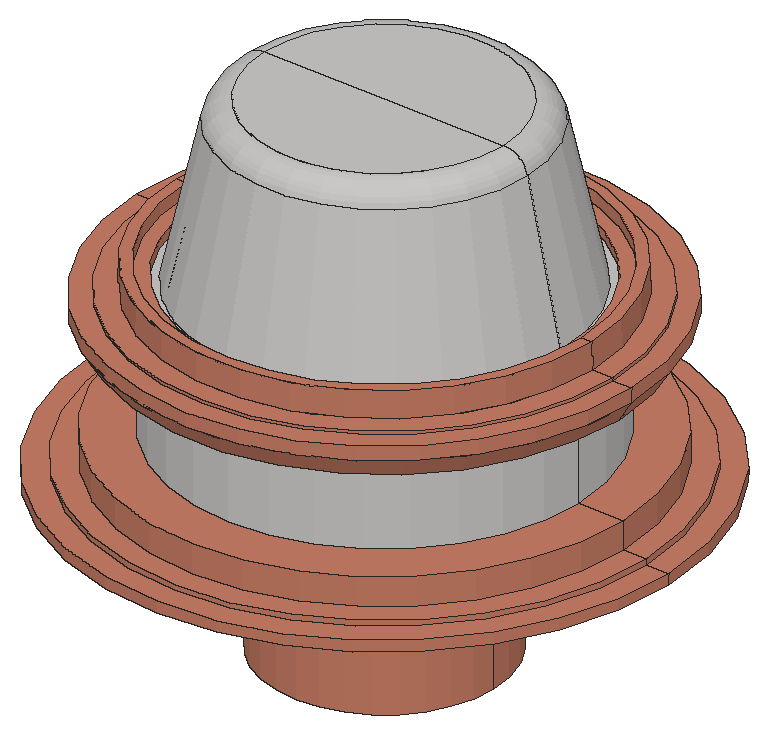
Revit family
Parameters (values of type "1015-06")
  Weight (lb) = 51.78
  Waste Connection = no
  Warranty = "1 year material and workmanship"  # constant formula
  Vent Connection = no
  URL = "http://www.jrsmith.com"
  Threaded = yes
  Technical and Installation = "http://www.jrsmith.com/products/roof/tech_data_index.htm"
  SmartBIM Object Version = 3  # constant formula
  SmartBIM Object Created By = "Reed Construction Data"  # constant formula
  Push On = yes
  Product URL = "http://www.jrsmith.com/products/roof/submittal/d1015.pdf"
  Outlet Radius = Outlet Diameter / 2  # 3"
  Outlet Diameter = 6"
  OmniClass Title = "Roof Drains"  # constant formula
  OmniClass Code = "22-22 14 26 13"  # constant formula
  No Hub = yes
  Model = "1015"  # constant formula
  Material Finish = Cast Iron
  Material = Duco coated
  Manufacturer = "Jay R. Smith Mfg. Co. "  # constant formula
  HW Connection = no
  Pipe Height = 4"
  Dome Free Area = "6\""
  Description = "Duco cast iron body with adjustable extension sleeve, reversible collar, combined flashing clamp and gravel stop, and polyethylene dome"  # constant formula
  Default Elevation = 48"
  Caulk = yes
  CW Connection = no
  Assembly Code = "D2040200"
  95 CSI = "15165"  # constant formula
  04 CSI = "22 14 35"  # constant formula
Reference planes (in)
  plane 1: z = 0
  plane 2: z = 0.32388
  plane 3: y = 0
  plane 4: x = 0
Forms (in)
  Revolve 1, solid, material "Cast Iron" <- "Material Finish"
    sketch origin (0, 0, 4) x (1, 0, 0) y (0, 0, 1)
      loop
        line (3.90504, 0) -> (7.16404, 0) -> (7.54712, 0.59051) -> (7.54712, 0.98487) -> (6.96541, 0.98487) -> (6.96541, 1.06365) -> (6.34092, 1.06365) -> (6.33438, 1.82617) -> (6.01892, 1.82617) -> (6.01892, 1.48441) -> (5.60012, 1.48441) -> (5.60012, 0.93227) -> (4.78303, 0.93227) -> (4.78303, 0.38013) -> (3.90504, 0.38013) -> (3.90504, 0)
      axis (0, 1.82617) -> (0, 0)
    angle from 0 to 360
  Revolve 2, solid, material "Duco coated" <- "Material"
    sketch origin (0, 0, 4.93227) x (1, 0, 0) y (0, 0, 1)
      loop
        line (5.13016, 0) -> (6.10012, 0) -> (6.10012, 0.31557) -> (5.37157, 0.31557) -> (4.36679, 4.72141)
        arc (4.36679, 4.72141) -> (4.10323, 5.14098) -> (3.63556, 5.30464) r 0.75
        line (3.63556, 5.30464) -> (0, 5.30464) -> (0, 4.91023) -> (3.67951, 4.91023)
        arc (3.67951, 4.91023) -> (3.91239, 4.82916) -> (4.04458, 4.621) r 0.375
        line (4.04458, 4.621) -> (5.13016, 0)
      axis (0, 5.30464) -> (0, 0)
    angle from 0 to 360
  Revolve 3, solid, material "Duco coated" <- "Material"
    sketch origin (0, 0, 4) x (1, 0, 0) y (0, 0, 1)
      loop
        line (5.57342, 0) -> (5.57342, -4) -> (5.91717, -4) -> (5.91717, 0) -> (5.57342, 0)
      axis (0, -4) -> (0, 0)
    angle from 0 to 360
  Extrusion 4, void
    sketch origin (0, 0, 0) x (1, 0, 0) y (0, 1, 0)
      loop
        circle (0, 0) r 3
    from -4.70197 to 0
  Revolve 5, solid, material "Cast Iron" <- "Material Finish"
    sketch origin (0, 0, 0) x (1, 0, 0) y (0, 0, 1)
      loop
        line (3, -4.70197) -> (3.34929, -4.70197) -> (3.34929, -2.7857) -> (3.2448, -2.7857)
        arc (3.2448, -2.7857) -> (3.40286, -2.72023) -> (3.46833, -2.56217) r 0.22353
        arc (3.46833, -2.56217) -> (3.48973, -2.39962) -> (3.63516, -2.32391) r 0.17754
        line (3.63516, -2.32391) -> (3.84929, -2.32391)
        arc (3.84929, -2.32391) -> (4.32239, -2.11327) -> (4.56552, -1.65602) r 0.79534
        line (4.56552, -1.65602) -> (4.72195, -0.66833) -> (8.67326, -0.0003) -> (8.67326, 0.32388) -> (7.98683, 0.32388) -> (7.98683, 0.47246) -> (7.2949, 0.47246) -> (7.2949, 1.28291) -> (4.91717, 1.28291) -> (4.91717, 0.32418) -> (0, 0.32418) -> (0, -2.78464) -> (3, -2.78464) -> (3, -4.70197)
      axis (0, -4.70197) -> (0, 1.28291)
    angle from 0 to 360
Cuts and joins
  Extrusion 4 cuts Revolve 5
  joined: Revolve 1, Revolve 5
Lines and regions (in)
  symbolic lines
    curve 1: arc (-7.54712, 0, -5.22855) -> (0, -7.54712, -5.22855) -> (7.54712, 0, -5.22855) r 7.54712
    curve 2: arc (-6.96541, 0, -5.22855) -> (0, -6.96541, -5.22855) -> (6.96541, 0, -5.22855) r 6.96541
  model lines
    curve 3: line (0.18521, -4.47136, 9.17831) -> (0.18521, -5.30772, 5.51367)
    curve 4: line (-0.18521, -5.30772, 5.51367) -> (-0.18521, -4.47136, 9.17831)
    curve 5: arc (0.18521, -5.30772, 5.51367) -> (0, -5.31095, 5.51367) -> (-0.18521, -5.30772, 5.51367) r 5.31095
    curve 6: arc (0.18521, -4.47136, 9.17831) -> (0, -4.43015, 9.35888) -> (-0.18521, -4.47136, 9.17831) r 0.18521
    curve 7: line (-0.18521, -5.30772, 5.51367) -> (0.18521, -5.30772, 5.51367)
    curve 8: line (-0.69066, -4.42158, 9.17831) -> (-0.85383, -5.24187, 5.51367)
    curve 9: line (-1.21714, -5.1696, 5.51367) -> (-1.05397, -4.34931, 9.17831)
    curve 10: arc (-0.85383, -5.24187, 5.51367) -> (-1.03611, -5.2089, 5.51367) -> (-1.21714, -5.1696, 5.51367) r 5.31095
    curve 11: arc (-0.69066, -4.42158, 9.17831) -> (-0.86428, -4.34503, 9.35888) -> (-1.05397, -4.34931, 9.17831) r 0.18521
    curve 12: line (-1.21714, -5.1696, 5.51367) -> (-0.85383, -5.24187, 5.51367)
    curve 13: line (1.05397, -4.34931, 9.17831) -> (1.21714, -5.1696, 5.51367)
    curve 14: line (0.85383, -5.24187, 5.51367) -> (0.69066, -4.42158, 9.17831)
    curve 15: arc (0.71714, -4.99376, 5.51367) -> (0.53584, -5.01646, 5.51367) -> (0.35383, -5.03257, 5.51367) r 5.04499
    curve 16: arc (1.05397, -4.34931, 9.17831) -> (0.86428, -4.34503, 9.35888) -> (0.69066, -4.42158, 9.17831) r 0.18521
    curve 17: line (0.85383, -5.24187, 5.51367) -> (1.21714, -5.1696, 5.51367)
    curve 18: line (1.88223, -4.06012, 9.17831) -> (2.20229, -4.83281, 5.51367)
    curve 19: line (1.86006, -4.97457, 5.51367) -> (1.54, -4.20188, 9.17831)
    curve 20: arc (1.70229, -4.68827, 5.51367) -> (1.53217, -4.74659, 5.51367) -> (1.36006, -4.79874, 5.51367) r 4.98775
    curve 21: arc (1.88223, -4.06012, 9.17831) -> (1.69534, -4.09292, 9.35888) -> (1.54, -4.20188, 9.17831) r 0.18521
    curve 22: line (1.86006, -4.97457, 5.51367) -> (2.20229, -4.83281, 5.51367)
    curve 23: line (2.63815, -3.6149, 9.17831) -> (3.10281, -4.31031, 5.51367)
    curve 24: line (2.79481, -4.51611, 5.51367) -> (2.33016, -3.8207, 9.17831)
    curve 25: arc (2.60281, -4.19548, 5.51367) -> (2.45039, -4.28629, 5.51367) -> (2.29481, -4.37156, 5.51367) r 4.93727
    curve 26: arc (2.63815, -3.6149, 9.17831) -> (2.46126, -3.68353, 9.35888) -> (2.33016, -3.8207, 9.17831) r 0.18521
    curve 27: line (2.79481, -4.51611, 5.51367) -> (3.10281, -4.31031, 5.51367)
    curve 28: line (3.2927, -3.03076, 9.17831) -> (3.88409, -3.62216, 5.51367)
    curve 29: line (3.62216, -3.88409, 5.51367) -> (3.03076, -3.2927, 9.17831)
    curve 30: arc (3.38409, -3.53598, 5.51367) -> (3.25521, -3.65497, 5.51367) -> (3.12216, -3.76926, 5.51367) r 4.89441
    curve 31: arc (3.2927, -3.03076, 9.17831) -> (3.13259, -3.13259, 9.35888) -> (3.03076, -3.2927, 9.17831) r 0.18521
    curve 32: line (3.62216, -3.88409, 5.51367) -> (3.88409, -3.62216, 5.51367)
    curve 33: line (3.8207, -2.33016, 9.17831) -> (4.51611, -2.79481, 5.51367)
    curve 34: line (4.31031, -3.10281, 5.51367) -> (3.6149, -2.63815, 9.17831)
    curve 35: arc (4.01611, -2.73668, 5.51367) -> (3.91571, -2.87849, 5.51367) -> (3.81031, -3.01663, 5.51367) r 4.85989
    curve 36: arc (3.8207, -2.33016, 9.17831) -> (3.68353, -2.46126, 9.35888) -> (3.6149, -2.63815, 9.17831) r 0.18521
    curve 37: line (4.31031, -3.10281, 5.51367) -> (4.51611, -2.79481, 5.51367)
    curve 38: line (4.20188, -1.54, 9.17831) -> (4.97457, -1.86006, 5.51367)
    curve 39: line (4.83281, -2.20229, 5.51367) -> (4.06012, -1.88223, 9.17831)
    curve 40: arc (4.47457, -1.83, 5.51367) -> (4.40649, -1.98834, 5.51367) -> (4.33281, -2.14416, 5.51367) r 4.83432
    curve 41: arc (4.20188, -1.54, 9.17831) -> (4.09292, -1.69534, 9.35888) -> (4.06012, -1.88223, 9.17831) r 0.18521
    curve 42: line (4.83281, -2.20229, 5.51367) -> (4.97457, -1.86006, 5.51367)
    curve 43: line (4.42158, -0.69066, 9.17831) -> (5.24187, -0.85383, 5.51367)
    curve 44: line (5.1696, -1.21714, 5.51367) -> (4.34931, -1.05397, 9.17831)
    curve 45: arc (4.74187, -0.85383, 5.51367) -> (4.70868, -1.02109, 5.51367) -> (4.6696, -1.18708, 5.51367) r 4.81812
    curve 46: arc (4.42158, -0.69066, 9.17831) -> (4.34503, -0.86428, 9.35888) -> (4.34931, -1.05397, 9.17831) r 0.18521
    curve 47: line (5.1696, -1.21714, 5.51367) -> (5.24187, -0.85383, 5.51367)
    curve 48: arc (4.80772, 0.18521, 5.51367) -> (4.81128, 0, 5.51367) -> (4.80772, -0.18521, 5.51367) r 4.81128
    curve 49: line (4.34931, 1.05397, 9.17831) -> (5.1696, 1.21714, 5.51367)
    curve 50: line (5.24187, 0.85383, 5.51367) -> (4.42158, 0.69066, 9.17831)
    curve 51: arc (4.6696, 1.18708, 5.51367) -> (4.70868, 1.02109, 5.51367) -> (4.74187, 0.85383, 5.51367) r 4.81812
    curve 52: arc (4.34931, 1.05397, 9.17831) -> (4.34503, 0.86428, 9.35888) -> (4.42158, 0.69066, 9.17831) r 0.18521
    curve 53: line (5.24187, 0.85383, 5.51367) -> (5.1696, 1.21714, 5.51367)
    curve 54: line (4.06012, 1.88223, 9.17831) -> (4.83281, 2.20229, 5.51367)
    curve 55: line (4.97457, 1.86006, 5.51367) -> (4.20188, 1.54, 9.17831)
    curve 56: arc (4.33281, 2.14416, 5.51367) -> (4.40649, 1.98834, 5.51367) -> (4.47457, 1.83, 5.51367) r 4.83432
    curve 57: arc (4.06012, 1.88223, 9.17831) -> (4.09292, 1.69534, 9.35888) -> (4.20188, 1.54, 9.17831) r 0.18521
    curve 58: line (4.97457, 1.86006, 5.51367) -> (4.83281, 2.20229, 5.51367)
    curve 59: line (3.6149, 2.63815, 9.17831) -> (4.31031, 3.10281, 5.51367)
    curve 60: line (4.51611, 2.79481, 5.51367) -> (3.8207, 2.33016, 9.17831)
    curve 61: arc (3.81031, 3.01663, 5.51367) -> (3.91571, 2.87849, 5.51367) -> (4.01611, 2.73668, 5.51367) r 4.85989
    curve 62: arc (3.6149, 2.63815, 9.17831) -> (3.68353, 2.46126, 9.35888) -> (3.8207, 2.33016, 9.17831) r 0.18521
    curve 63: line (4.51611, 2.79481, 5.51367) -> (4.31031, 3.10281, 5.51367)
    curve 64: line (3.03076, 3.2927, 9.17831) -> (3.62216, 3.88409, 5.51367)
    curve 65: line (3.88409, 3.62216, 5.51367) -> (3.2927, 3.03076, 9.17831)
    curve 66: arc (3.12216, 3.76926, 5.51367) -> (3.25521, 3.65497, 5.51367) -> (3.38409, 3.53598, 5.51367) r 4.89441
    curve 67: arc (3.03076, 3.2927, 9.17831) -> (3.13259, 3.13259, 9.35888) -> (3.2927, 3.03076, 9.17831) r 0.18521
    curve 68: line (3.88409, 3.62216, 5.51367) -> (3.62216, 3.88409, 5.51367)
    curve 69: line (2.33016, 3.8207, 9.17831) -> (2.79481, 4.51611, 5.51367)
    curve 70: line (3.10281, 4.31031, 5.51367) -> (2.63815, 3.6149, 9.17831)
    curve 71: arc (2.29481, 4.37156, 5.51367) -> (2.45039, 4.28629, 5.51367) -> (2.60281, 4.19548, 5.51367) r 4.93727
    curve 72: arc (2.33016, 3.8207, 9.17831) -> (2.46126, 3.68353, 9.35888) -> (2.63815, 3.6149, 9.17831) r 0.18521
    curve 73: line (3.10281, 4.31031, 5.51367) -> (2.79481, 4.51611, 5.51367)
    curve 74: line (1.54, 4.20188, 9.17831) -> (1.86006, 4.97457, 5.51367)
    curve 75: line (2.20229, 4.83281, 5.51367) -> (1.88223, 4.06012, 9.17831)
    curve 76: arc (1.36006, 4.79874, 5.51367) -> (1.53217, 4.74659, 5.51367) -> (1.70229, 4.68827, 5.51367) r 4.98775
    curve 77: arc (1.54, 4.20188, 9.17831) -> (1.69534, 4.09292, 9.35888) -> (1.88223, 4.06012, 9.17831) r 0.18521
    curve 78: line (2.20229, 4.83281, 5.51367) -> (1.86006, 4.97457, 5.51367)
    curve 79: line (0.69066, 4.42158, 9.17831) -> (0.85383, 5.24187, 5.51367)
    curve 80: line (1.21714, 5.1696, 5.51367) -> (1.05397, 4.34931, 9.17831)
    curve 81: arc (0.35383, 5.03257, 5.51367) -> (0.53584, 5.01646, 5.51367) -> (0.71714, 4.99376, 5.51367) r 5.04499
    curve 82: arc (0.69066, 4.42158, 9.17831) -> (0.86428, 4.34503, 9.35888) -> (1.05397, 4.34931, 9.17831) r 0.18521
    curve 83: line (1.21714, 5.1696, 5.51367) -> (0.85383, 5.24187, 5.51367)
    curve 84: line (-0.18521, 4.47136, 9.17831) -> (-0.18521, 5.30772, 5.51367)
    curve 85: line (0.18521, 5.30772, 5.51367) -> (0.18521, 4.47136, 9.17831)
    curve 86: arc (-0.18521, 5.09842, 5.51367) -> (0, 5.10179, 5.51367) -> (0.18521, 5.09842, 5.51367) r 5.10179
    curve 87: arc (-0.18521, 4.47136, 9.17831) -> (0, 4.43015, 9.35888) -> (0.18521, 4.47136, 9.17831) r 0.18521
    curve 88: line (0.18521, 5.30772, 5.51367) -> (-0.18521, 5.30772, 5.51367)
    curve 89: line (-1.05397, 4.34931, 9.17831) -> (-1.21714, 5.1696, 5.51367)
    curve 90: line (-0.85383, 5.24187, 5.51367) -> (-0.69066, 4.42158, 9.17831)
    curve 91: arc (-1.21714, 5.1696, 5.51367) -> (-1.03611, 5.2089, 5.51367) -> (-0.85383, 5.24187, 5.51367) r 5.31095
    curve 92: arc (-1.05397, 4.34931, 9.17831) -> (-0.86428, 4.34503, 9.35888) -> (-0.69066, 4.42158, 9.17831) r 0.18521
    curve 93: line (-0.85383, 5.24187, 5.51367) -> (-1.21714, 5.1696, 5.51367)
    curve 94: line (-1.88223, 4.06012, 9.17831) -> (-2.20229, 4.83281, 5.51367)
    curve 95: line (-1.86006, 4.97457, 5.51367) -> (-1.54, 4.20188, 9.17831)
    curve 96: arc (-2.20229, 4.83281, 5.51367) -> (-2.03241, 4.90668, 5.51367) -> (-1.86006, 4.97457, 5.51367) r 5.31095
    curve 97: arc (-1.88223, 4.06012, 9.17831) -> (-1.69534, 4.09292, 9.35888) -> (-1.54, 4.20188, 9.17831) r 0.18521
    curve 98: line (-1.86006, 4.97457, 5.51367) -> (-2.20229, 4.83281, 5.51367)
    curve 99: line (-2.63815, 3.6149, 9.17831) -> (-3.10281, 4.31031, 5.51367)
    curve 100: line (-2.79481, 4.51611, 5.51367) -> (-2.33016, 3.8207, 9.17831)
    curve 101: arc (-3.10281, 4.31031, 5.51367) -> (-2.9506, 4.41589, 5.51367) -> (-2.79481, 4.51611, 5.51367) r 5.31095
    curve 102: arc (-2.63815, 3.6149, 9.17831) -> (-2.46126, 3.68353, 9.35888) -> (-2.33016, 3.8207, 9.17831) r 0.18521
    curve 103: line (-2.79481, 4.51611, 5.51367) -> (-3.10281, 4.31031, 5.51367)
    curve 104: line (-3.2927, 3.03076, 9.17831) -> (-3.88409, 3.62216, 5.51367)
    curve 105: line (-3.62216, 3.88409, 5.51367) -> (-3.03076, 3.2927, 9.17831)
    curve 106: arc (-3.88409, 3.62216, 5.51367) -> (-3.75541, 3.75541, 5.51367) -> (-3.62216, 3.88409, 5.51367) r 5.31095
    curve 107: arc (-3.2927, 3.03076, 9.17831) -> (-3.13259, 3.13259, 9.35888) -> (-3.03076, 3.2927, 9.17831) r 0.18521
    curve 108: line (-3.62216, 3.88409, 5.51367) -> (-3.88409, 3.62216, 5.51367)
    curve 109: line (-3.8207, 2.33016, 9.17831) -> (-4.51611, 2.79481, 5.51367)
    curve 110: line (-4.31031, 3.10281, 5.51367) -> (-3.6149, 2.63815, 9.17831)
    curve 111: arc (-4.51611, 2.79481, 5.51367) -> (-4.41589, 2.9506, 5.51367) -> (-4.31031, 3.10281, 5.51367) r 5.31095
    curve 112: arc (-3.8207, 2.33016, 9.17831) -> (-3.68353, 2.46126, 9.35888) -> (-3.6149, 2.63815, 9.17831) r 0.18521
    curve 113: line (-4.31031, 3.10281, 5.51367) -> (-4.51611, 2.79481, 5.51367)
    curve 114: line (-4.20188, 1.54, 9.17831) -> (-4.97457, 1.86006, 5.51367)
    curve 115: line (-4.83281, 2.20229, 5.51367) -> (-4.06012, 1.88223, 9.17831)
    curve 116: arc (-4.97457, 1.86006, 5.51367) -> (-4.90668, 2.03241, 5.51367) -> (-4.83281, 2.20229, 5.51367) r 5.31095
    curve 117: arc (-4.20188, 1.54, 9.17831) -> (-4.09292, 1.69534, 9.35888) -> (-4.06012, 1.88223, 9.17831) r 0.18521
    curve 118: line (-4.83281, 2.20229, 5.51367) -> (-4.97457, 1.86006, 5.51367)
    curve 119: line (-4.42158, 0.69066, 9.17831) -> (-5.24187, 0.85383, 5.51367)
    curve 120: line (-5.1696, 1.21714, 5.51367) -> (-4.34931, 1.05397, 9.17831)
    curve 121: arc (-5.24187, 0.85383, 5.51367) -> (-5.2089, 1.03611, 5.51367) -> (-5.1696, 1.21714, 5.51367) r 5.31095
    curve 122: arc (-4.42158, 0.69066, 9.17831) -> (-4.34503, 0.86428, 9.35888) -> (-4.34931, 1.05397, 9.17831) r 0.18521
    curve 123: line (-5.1696, 1.21714, 5.51367) -> (-5.24187, 0.85383, 5.51367)
    curve 124: line (-4.47136, -0.18521, 9.17831) -> (-5.30772, -0.18521, 5.51367)
    curve 125: line (-5.30772, 0.18521, 5.51367) -> (-4.47136, 0.18521, 9.17831)
    curve 126: arc (-5.30772, -0.18521, 5.51367) -> (-5.31095, 0, 5.51367) -> (-5.30772, 0.18521, 5.51367) r 5.31095
    curve 127: arc (-4.47136, -0.18521, 9.17831) -> (-4.43015, 0, 9.35888) -> (-4.47136, 0.18521, 9.17831) r 0.18521
    curve 128: line (-5.30772, 0.18521, 5.51367) -> (-5.30772, -0.18521, 5.51367)
    curve 129: line (-4.34931, -1.05397, 9.17831) -> (-5.1696, -1.21714, 5.51367)
    curve 130: line (-5.24187, -0.85383, 5.51367) -> (-4.42158, -0.69066, 9.17831)
    curve 131: arc (-5.1696, -1.21714, 5.51367) -> (-5.2089, -1.03611, 5.51367) -> (-5.24187, -0.85383, 5.51367) r 5.31095
    curve 132: arc (-4.34931, -1.05397, 9.17831) -> (-4.34503, -0.86428, 9.35888) -> (-4.42158, -0.69066, 9.17831) r 0.18521
    curve 133: line (-5.24187, -0.85383, 5.51367) -> (-5.1696, -1.21714, 5.51367)
    curve 134: line (-4.06012, -1.88223, 9.17831) -> (-4.83281, -2.20229, 5.51367)
    curve 135: line (-4.97457, -1.86006, 5.51367) -> (-4.20188, -1.54, 9.17831)
    curve 136: arc (-4.83281, -2.20229, 5.51367) -> (-4.90668, -2.03241, 5.51367) -> (-4.97457, -1.86006, 5.51367) r 5.31095
    curve 137: arc (-4.06012, -1.88223, 9.17831) -> (-4.09292, -1.69534, 9.35888) -> (-4.20188, -1.54, 9.17831) r 0.18521
    curve 138: line (-4.97457, -1.86006, 5.51367) -> (-4.83281, -2.20229, 5.51367)
    curve 139: line (-3.6149, -2.63815, 9.17831) -> (-4.31031, -3.10281, 5.51367)
    curve 140: line (-4.51611, -2.79481, 5.51367) -> (-3.8207, -2.33016, 9.17831)
    curve 141: arc (-4.31031, -3.10281, 5.51367) -> (-4.41589, -2.9506, 5.51367) -> (-4.51611, -2.79481, 5.51367) r 5.31095
    curve 142: arc (-3.6149, -2.63815, 9.17831) -> (-3.68353, -2.46126, 9.35888) -> (-3.8207, -2.33016, 9.17831) r 0.18521
    curve 143: line (-4.51611, -2.79481, 5.51367) -> (-4.31031, -3.10281, 5.51367)
    curve 144: line (-3.03076, -3.2927, 9.17831) -> (-3.62216, -3.88409, 5.51367)
    curve 145: line (-3.88409, -3.62216, 5.51367) -> (-3.2927, -3.03076, 9.17831)
    curve 146: arc (-3.62216, -3.88409, 5.51367) -> (-3.75541, -3.75541, 5.51367) -> (-3.88409, -3.62216, 5.51367) r 5.31095
    curve 147: arc (-3.03076, -3.2927, 9.17831) -> (-3.13259, -3.13259, 9.35888) -> (-3.2927, -3.03076, 9.17831) r 0.18521
    curve 148: line (-3.88409, -3.62216, 5.51367) -> (-3.62216, -3.88409, 5.51367)
    curve 149: line (-2.33016, -3.8207, 9.17831) -> (-2.79481, -4.51611, 5.51367)
    curve 150: line (-3.10281, -4.31031, 5.51367) -> (-2.63815, -3.6149, 9.17831)
    curve 151: arc (-2.79481, -4.51611, 5.51367) -> (-2.9506, -4.41589, 5.51367) -> (-3.10281, -4.31031, 5.51367) r 5.31095
    curve 152: arc (-2.33016, -3.8207, 9.17831) -> (-2.46126, -3.68353, 9.35888) -> (-2.63815, -3.6149, 9.17831) r 0.18521
    curve 153: line (-3.10281, -4.31031, 5.51367) -> (-2.79481, -4.51611, 5.51367)
    curve 154: line (-1.54, -4.20188, 9.17831) -> (-1.86006, -4.97457, 5.51367)
    curve 155: line (-2.20229, -4.83281, 5.51367) -> (-1.88223, -4.06012, 9.17831)
    curve 156: arc (-1.86006, -4.97457, 5.51367) -> (-2.03241, -4.90668, 5.51367) -> (-2.20229, -4.83281, 5.51367) r 5.31095
    curve 157: arc (-1.54, -4.20188, 9.17831) -> (-1.69534, -4.09292, 9.35888) -> (-1.88223, -4.06012, 9.17831) r 0.18521
    curve 158: line (-2.20229, -4.83281, 5.51367) -> (-1.86006, -4.97457, 5.51367)
    curve 159: line (4.52305, 0.22795, 9.13778) -> (5.34334, 0.39111, 5.47314)
    curve 160: line (5.4156, 0.0278, 5.47314) -> (4.59532, -0.13536, 9.13778)
    curve 161: arc (4.52305, 0.22795, 9.13778) -> (4.51876, 0.03825, 9.31836) -> (4.59532, -0.13536, 9.13778) r 0.18521
    curve 162: line (5.4156, 0.0278, 5.47314) -> (5.34334, 0.39111, 5.47314)
Dimensions and locks (in)
  locked: Revolve 3 sketch curve to Revolve 3 sketch curve at 0.34375
  plane 1 to Revolve 1 sketch curve to Revolve 1 sketch curve to Revolve 1 sketch curve to Revolve 1 sketch curve to Revolve 1 sketch curve to Revolve 1 sketch curve to Revolve 1 sketch curve = 4.38013", 0.21038" locked, 0.34176" locked, 0.0526" locked, 0.07878" locked, 0.42076" locked, 0.34176" locked
  plane 1 to Revolve 2 sketch curve to Revolve 2 sketch curve to Revolve 2 sketch curve to Revolve 2 sketch curve to Revolve 2 sketch curve = 5.24785", 4.30542" locked, 0.10041" locked, 0.18883" locked, 0.39441" locked
  Revolve 2 sketch curve to Revolve 2 sketch curve to Revolve 2 sketch curve to Revolve 2 sketch curve to Revolve 2 sketch curve to Revolve 2 sketch curve to Revolve 2 sketch curve to Revolve 2 sketch curve = 3.63556" locked, 0.04395" locked, 0.36506" locked, 0.32221" locked, 0.76338" locked, 0.24141" locked, 0.72855" locked
  Revolve 1 sketch curve to Revolve 1 sketch curve to Revolve 1 sketch curve to Revolve 1 sketch curve to Revolve 1 sketch curve to Revolve 1 sketch curve to Revolve 1 sketch curve to Revolve 1 sketch curve = 0.58171" locked, 0.62449" locked, 0.32201" locked, 0.4188" locked, 0.81708" locked, 0.87799" locked, 3.90504" locked
  "Outlet Radius": plane 4 to Revolve 5 sketch curve
  plane 4 to Revolve 5 sketch curve to Revolve 5 sketch curve to Revolve 5 sketch curve to Revolve 5 sketch curve to Revolve 5 sketch curve = 4.72195" locked, 0.19522" locked, 2.37773" locked, 0.69193" locked, 0.68642" locked
  aligned and locked: level to Extrusion 4
  aligned and locked: Extrusion 4 sketch curve to Revolve 5
  aligned and locked: plane 2 to cut or joined group of Revolve 1, Extrusion 4, Revolve 5
  aligned and locked: Extrusion 4 to cut or joined group of Revolve 1, Extrusion 4, Revolve 5
Automatic sketch dimensions
  Revolve 1 sketch curve to plane 4 = 0"
  Revolve 1 sketch curve to Revolve 1 sketch curve = 0.31546"
  Revolve 1 sketch curve to Revolve 1 sketch curve = 0.38309"
  Revolve 1 sketch curve to Revolve 1 sketch curve = 0.38013"
  Revolve 1 sketch curve to level = 43.98672"
  Revolve 1 sketch curve to Revolve 1 sketch curve = 93.23886"
  Revolve 2 sketch curve to plane 4 = 0"  (x2)
  Revolve 2 sketch curve to Revolve 2 sketch curve = 0.31557"
  Revolve 2 sketch curve to level = 41.72328"
  Revolve 2 sketch curve to Revolve 2 sketch curve = 87.76039"
  Revolve 3 sketch curve to plane 4 = 0"
  Revolve 3 sketch curve to level = 0"
  Revolve 3 sketch curve to plane 4 = 5.57342"
  Revolve 3 sketch curve to level = 8"
  Revolve 3 sketch curve to plane 2 = 3.67612"
  Revolve 3 sketch curve to Revolve 3 sketch curve = 9.39338"
  curve 1 to curve 2 = 0"  (x2)
  curve 1 to plane 3 = 0"
  curve 2 to plane 4 = 0"
  curve 2 to curve 1 = 6.96541"
  curve 1 to curve 2 = 0.58171"
  Revolve 5 sketch curve to plane 4 = 0"  (x2)
  Revolve 5 sketch curve to plane 2 = 0"
  Revolve 5 sketch curve to Revolve 5 sketch curve = 0.34929"
  Revolve 5 sketch curve to Revolve 5 sketch curve = 0.22353"
  Revolve 5 sketch curve to Revolve 5 sketch curve = 0.16683"
  Revolve 5 sketch curve to Revolve 5 sketch curve = 0.14481"
  Revolve 5 sketch curve to Revolve 5 sketch curve = 0.21413"
  Revolve 5 sketch curve to level = 1.65602"
  Revolve 5 sketch curve to Revolve 5 sketch curve = 0.78555"
  Revolve 5 sketch curve to level = 0.66833"
  Revolve 5 sketch curve to Revolve 5 sketch curve = 0.15643"
  Revolve 5 sketch curve to plane 2 = 0.95903"
  Revolve 5 sketch curve to Revolve 5 sketch curve = 0.66789"
  Revolve 5 sketch curve to Revolve 5 sketch curve = 0.17754"
  Revolve 5 sketch curve to Revolve 5 sketch curve = 0.00107"
  Revolve 5 sketch curve to Revolve 5 sketch curve = 1.21536"
  Revolve 5 sketch curve to Revolve 5 sketch curve = 0.70197"
  Revolve 5 sketch curve to Revolve 5 sketch curve = 5.32418"
  Revolve 5 sketch curve to level = 0.0003"
  Revolve 5 sketch curve to plane 2 = 0.0003"
  Revolve 5 sketch curve to plane 2 = 0.14858"
  curve 85 to plane 2 = 8.85444"
  curve 3 to plane 2 = 8.85444"
  curve 85 to curve 85 = 3.66464"
  curve 3 to curve 3 = 3.66464"
  plane 3 to curve 85 = 5.30772"
  curve 85 to curve 85 = 0.83636"
  curve 3 to plane 3 = 4.47136"
  curve 3 to curve 3 = 0.83636"
  curve 84 to plane 2 = 5.1898"
  curve 4 to plane 2 = 5.1898"
  curve 84 to curve 84 = 3.66464"
  curve 4 to curve 4 = 3.66464"
  plane 3 to curve 84 = 5.30772"
  curve 84 to curve 84 = 0.83636"
  curve 4 to plane 3 = 4.47136"
  curve 4 to curve 4 = 0.83636"
  curve 5 to curve 10 = 0"  (x2)
  curve 5 to curve 15 = 0"  (x2)
  curve 5 to curve 20 = 0"  (x2)
  curve 5 to curve 25 = 0"  (x2)
  curve 5 to curve 30 = 0"  (x2)
  curve 5 to curve 35 = 0"  (x2)
  curve 5 to curve 40 = 0"  (x2)
  curve 5 to curve 45 = 0"  (x2)
  curve 5 to curve 48 = 0"  (x2)
  curve 5 to curve 51 = 0"  (x2)
  curve 5 to curve 56 = 0"  (x2)
  curve 5 to curve 61 = 0"  (x2)
  curve 5 to curve 66 = 0"  (x2)
  curve 5 to curve 71 = 0"  (x2)
  curve 5 to curve 76 = 0"  (x2)
  curve 5 to curve 81 = 0"  (x2)
  curve 5 to curve 86 = 0"  (x2)
  curve 5 to curve 91 = 0"  (x2)
  curve 5 to curve 96 = 0"  (x2)
  curve 5 to curve 101 = 0"  (x2)
  curve 5 to curve 106 = 0"  (x2)
  curve 5 to curve 111 = 0"  (x2)
  curve 5 to curve 116 = 0"  (x2)
  curve 5 to curve 121 = 0"  (x2)
  curve 5 to curve 126 = 0"  (x2)
  curve 5 to curve 131 = 0"  (x2)
  curve 5 to curve 136 = 0"  (x2)
  curve 5 to curve 141 = 0"  (x2)
  curve 5 to curve 146 = 0"  (x2)
  curve 5 to curve 151 = 0"  (x2)
  curve 5 to curve 156 = 0"  (x2)
  curve 10 to curve 15 = 0"  (x2)
  curve 10 to curve 20 = 0"  (x2)
  curve 10 to curve 25 = 0"  (x2)
  curve 10 to curve 30 = 0"  (x2)
  curve 10 to curve 35 = 0"  (x2)
  curve 10 to curve 40 = 0"  (x2)
  curve 10 to curve 45 = 0"  (x2)
  curve 10 to curve 48 = 0"  (x2)
  curve 10 to curve 51 = 0"  (x2)
  curve 10 to curve 56 = 0"  (x2)
  curve 10 to curve 61 = 0"  (x2)
  curve 10 to curve 66 = 0"  (x2)
  curve 10 to curve 71 = 0"  (x2)
  curve 10 to curve 76 = 0"  (x2)
  curve 10 to curve 81 = 0"  (x2)
  curve 10 to curve 86 = 0"  (x2)
  curve 10 to curve 91 = 0"  (x2)
  curve 10 to curve 96 = 0"  (x2)
  curve 10 to curve 101 = 0"  (x2)
  curve 10 to curve 106 = 0"  (x2)
  curve 10 to curve 111 = 0"  (x2)
  curve 10 to curve 116 = 0"  (x2)
  curve 10 to curve 121 = 0"  (x2)
  curve 10 to curve 126 = 0"  (x2)
  curve 10 to curve 131 = 0"  (x2)
  curve 10 to curve 136 = 0"  (x2)
  curve 10 to curve 141 = 0"  (x2)
  curve 10 to curve 146 = 0"  (x2)
  curve 10 to curve 151 = 0"  (x2)
  curve 10 to curve 156 = 0"  (x2)
  curve 15 to curve 20 = 0"  (x2)
  curve 15 to curve 25 = 0"  (x2)
  curve 15 to curve 30 = 0"  (x2)
  curve 15 to curve 35 = 0"  (x2)
  curve 15 to curve 40 = 0"  (x2)
  curve 15 to curve 45 = 0"  (x2)
  curve 15 to curve 48 = 0"  (x2)
  curve 15 to curve 51 = 0"  (x2)
  curve 15 to curve 56 = 0"  (x2)
  curve 15 to curve 61 = 0"  (x2)
  curve 15 to curve 66 = 0"  (x2)
  curve 15 to curve 71 = 0"  (x2)
  curve 15 to curve 76 = 0"  (x2)
  curve 15 to curve 81 = 0"  (x2)
  curve 15 to curve 86 = 0"  (x2)
  curve 15 to curve 91 = 0"  (x2)
  curve 15 to curve 96 = 0"  (x2)
  curve 15 to curve 101 = 0"  (x2)
  curve 15 to curve 106 = 0"  (x2)
  curve 15 to curve 111 = 0"  (x2)
  curve 15 to curve 116 = 0"  (x2)
  curve 15 to curve 121 = 0"  (x2)
  curve 15 to curve 126 = 0"  (x2)
  curve 15 to curve 131 = 0"  (x2)
  curve 15 to curve 136 = 0"  (x2)
  curve 15 to curve 141 = 0"  (x2)
  curve 15 to curve 146 = 0"  (x2)
  curve 15 to curve 151 = 0"  (x2)
  curve 15 to curve 156 = 0"  (x2)
  curve 20 to curve 25 = 0"  (x2)
  curve 20 to curve 30 = 0"  (x2)
  curve 20 to curve 35 = 0"  (x2)
  curve 20 to curve 40 = 0"  (x2)
  curve 20 to curve 45 = 0"  (x2)
  curve 20 to curve 48 = 0"  (x2)
  curve 20 to curve 51 = 0"  (x2)
  curve 20 to curve 56 = 0"  (x2)
  curve 20 to curve 61 = 0"  (x2)
  curve 20 to curve 66 = 0"  (x2)
  curve 20 to curve 71 = 0"  (x2)
  curve 20 to curve 76 = 0"  (x2)
  curve 20 to curve 81 = 0"  (x2)
  curve 20 to curve 86 = 0"  (x2)
  curve 20 to curve 91 = 0"  (x2)
  curve 20 to curve 96 = 0"  (x2)
  curve 20 to curve 101 = 0"  (x2)
  curve 20 to curve 106 = 0"  (x2)
  curve 20 to curve 111 = 0"  (x2)
  curve 20 to curve 116 = 0"  (x2)
  curve 20 to curve 121 = 0"  (x2)
  curve 20 to curve 126 = 0"  (x2)
  curve 20 to curve 131 = 0"  (x2)
  curve 20 to curve 136 = 0"  (x2)
  curve 20 to curve 141 = 0"  (x2)
  curve 20 to curve 146 = 0"  (x2)
  curve 20 to curve 151 = 0"  (x2)
  curve 20 to curve 156 = 0"  (x2)
  curve 25 to curve 30 = 0"  (x2)
  curve 25 to curve 35 = 0"  (x2)
  curve 25 to curve 40 = 0"  (x2)
  curve 25 to curve 45 = 0"  (x2)
  curve 25 to curve 48 = 0"  (x2)
  curve 25 to curve 51 = 0"  (x2)
  curve 25 to curve 56 = 0"  (x2)
  curve 25 to curve 61 = 0"  (x2)
  curve 25 to curve 66 = 0"  (x2)
  curve 25 to curve 71 = 0"  (x2)
  curve 25 to curve 76 = 0"  (x2)
  curve 25 to curve 81 = 0"  (x2)
  curve 25 to curve 86 = 0"  (x2)
  curve 25 to curve 91 = 0"  (x2)
  curve 25 to curve 96 = 0"  (x2)
  curve 25 to curve 101 = 0"  (x2)
  curve 25 to curve 106 = 0"  (x2)
  curve 25 to curve 111 = 0"  (x2)
  curve 25 to curve 116 = 0"  (x2)
  curve 25 to curve 121 = 0"  (x2)
  curve 25 to curve 126 = 0"  (x2)
  curve 25 to curve 131 = 0"  (x2)
  curve 25 to curve 136 = 0"  (x2)
  curve 25 to curve 141 = 0"  (x2)
  curve 25 to curve 146 = 0"  (x2)
  curve 25 to curve 151 = 0"  (x2)
  curve 25 to curve 156 = 0"  (x2)
  curve 30 to curve 35 = 0"  (x2)
  curve 30 to curve 40 = 0"  (x2)
  curve 30 to curve 45 = 0"  (x2)
  curve 30 to curve 48 = 0"  (x2)
  curve 30 to curve 51 = 0"  (x2)
  curve 30 to curve 56 = 0"  (x2)
  curve 30 to curve 61 = 0"  (x2)
  curve 30 to curve 66 = 0"  (x2)
  curve 30 to curve 71 = 0"  (x2)
  curve 30 to curve 76 = 0"  (x2)
  curve 30 to curve 81 = 0"  (x2)
  curve 30 to curve 86 = 0"  (x2)
  curve 30 to curve 91 = 0"  (x2)
  curve 30 to curve 96 = 0"  (x2)
  curve 30 to curve 101 = 0"  (x2)
  curve 30 to curve 106 = 0"  (x2)
  curve 30 to curve 111 = 0"  (x2)
  curve 30 to curve 116 = 0"  (x2)
  curve 30 to curve 121 = 0"  (x2)
  curve 30 to curve 126 = 0"  (x2)
  curve 30 to curve 131 = 0"  (x2)
  curve 30 to curve 136 = 0"  (x2)
  curve 30 to curve 141 = 0"  (x2)
  curve 30 to curve 146 = 0"  (x2)
  curve 30 to curve 151 = 0"  (x2)
  curve 30 to curve 156 = 0"  (x2)
  curve 35 to curve 40 = 0"  (x2)
  curve 35 to curve 45 = 0"  (x2)
  curve 35 to curve 48 = 0"  (x2)
  curve 35 to curve 51 = 0"  (x2)
  curve 35 to curve 56 = 0"  (x2)
  curve 35 to curve 61 = 0"  (x2)
  curve 35 to curve 66 = 0"  (x2)
  curve 35 to curve 71 = 0"  (x2)
  curve 35 to curve 76 = 0"  (x2)
  curve 35 to curve 81 = 0"  (x2)
  curve 35 to curve 86 = 0"  (x2)
  curve 35 to curve 91 = 0"  (x2)
  curve 35 to curve 96 = 0"  (x2)
  curve 35 to curve 101 = 0"  (x2)
  curve 35 to curve 106 = 0"  (x2)
  curve 35 to curve 111 = 0"  (x2)
  curve 35 to curve 116 = 0"  (x2)
  curve 35 to curve 121 = 0"  (x2)
  curve 35 to curve 126 = 0"  (x2)
  curve 35 to curve 131 = 0"  (x2)
  curve 35 to curve 136 = 0"  (x2)
  curve 35 to curve 141 = 0"  (x2)
  curve 35 to curve 146 = 0"  (x2)
  curve 35 to curve 151 = 0"  (x2)
  curve 35 to curve 156 = 0"  (x2)
  curve 40 to curve 45 = 0"  (x2)
  curve 40 to curve 48 = 0"  (x2)
  curve 40 to curve 51 = 0"  (x2)
  curve 40 to curve 56 = 0"  (x2)
  curve 40 to curve 61 = 0"  (x2)
  curve 40 to curve 66 = 0"  (x2)
  curve 40 to curve 71 = 0"  (x2)
  curve 40 to curve 76 = 0"  (x2)
  curve 40 to curve 81 = 0"  (x2)
  curve 40 to curve 86 = 0"  (x2)
  curve 40 to curve 91 = 0"  (x2)
  curve 40 to curve 96 = 0"  (x2)
  curve 40 to curve 101 = 0"  (x2)
  curve 40 to curve 106 = 0"  (x2)
  curve 40 to curve 111 = 0"  (x2)
  curve 40 to curve 116 = 0"  (x2)
  curve 40 to curve 121 = 0"  (x2)
  curve 40 to curve 126 = 0"  (x2)
  curve 40 to curve 131 = 0"  (x2)
  curve 40 to curve 136 = 0"  (x2)
  curve 40 to curve 141 = 0"  (x2)
  curve 40 to curve 146 = 0"  (x2)
  curve 40 to curve 151 = 0"  (x2)
  curve 40 to curve 156 = 0"  (x2)
  curve 45 to curve 48 = 0"  (x2)
  curve 45 to curve 51 = 0"  (x2)
  curve 45 to curve 56 = 0"  (x2)
  curve 45 to curve 61 = 0"  (x2)
  curve 45 to curve 66 = 0"  (x2)
  curve 45 to curve 71 = 0"  (x2)
  curve 45 to curve 76 = 0"  (x2)
  curve 45 to curve 81 = 0"  (x2)
  curve 45 to curve 86 = 0"  (x2)
  curve 45 to curve 91 = 0"  (x2)
  curve 45 to curve 96 = 0"  (x2)
  curve 45 to curve 101 = 0"  (x2)
  curve 45 to curve 106 = 0"  (x2)
  curve 45 to curve 111 = 0"  (x2)
  curve 45 to curve 116 = 0"  (x2)
  curve 45 to curve 121 = 0"  (x2)
  curve 45 to curve 126 = 0"  (x2)
  curve 45 to curve 131 = 0"  (x2)
  curve 45 to curve 136 = 0"  (x2)
  curve 45 to curve 141 = 0"  (x2)
  curve 45 to curve 146 = 0"  (x2)
  curve 45 to curve 151 = 0"  (x2)
  curve 45 to curve 156 = 0"  (x2)
  curve 48 to curve 51 = 0"  (x2)
  curve 48 to curve 56 = 0"  (x2)
  curve 48 to curve 61 = 0"  (x2)
  curve 48 to curve 66 = 0"  (x2)
  curve 48 to curve 71 = 0"  (x2)
  curve 48 to curve 76 = 0"  (x2)
  curve 48 to curve 81 = 0"  (x2)
  curve 48 to curve 86 = 0"  (x2)
  curve 48 to curve 91 = 0"  (x2)
  curve 48 to curve 96 = 0"  (x2)
  curve 48 to curve 101 = 0"  (x2)
  curve 48 to curve 106 = 0"  (x2)
  curve 48 to curve 111 = 0"  (x2)
  curve 48 to curve 116 = 0"  (x2)
  curve 48 to curve 121 = 0"  (x2)
  curve 48 to curve 126 = 0"  (x2)
  curve 48 to curve 131 = 0"  (x2)
  curve 48 to curve 136 = 0"  (x2)
  curve 48 to curve 141 = 0"  (x2)
  curve 48 to curve 146 = 0"  (x2)
  curve 48 to curve 151 = 0"  (x2)
  curve 48 to curve 156 = 0"  (x2)
  curve 51 to curve 56 = 0"  (x2)
  curve 51 to curve 61 = 0"  (x2)
  curve 51 to curve 66 = 0"  (x2)
  curve 51 to curve 71 = 0"  (x2)
  curve 51 to curve 76 = 0"  (x2)
  curve 51 to curve 81 = 0"  (x2)
  curve 51 to curve 86 = 0"  (x2)
  curve 51 to curve 91 = 0"  (x2)
  curve 51 to curve 96 = 0"  (x2)
  curve 51 to curve 101 = 0"  (x2)
  curve 51 to curve 106 = 0"  (x2)
  curve 51 to curve 111 = 0"  (x2)
  curve 51 to curve 116 = 0"  (x2)
  curve 51 to curve 121 = 0"  (x2)
  curve 51 to curve 126 = 0"  (x2)
  curve 51 to curve 131 = 0"  (x2)
  curve 51 to curve 136 = 0"  (x2)
  curve 51 to curve 141 = 0"  (x2)
  curve 51 to curve 146 = 0"  (x2)
  curve 51 to curve 151 = 0"  (x2)
  curve 51 to curve 156 = 0"  (x2)
  curve 56 to curve 61 = 0"  (x2)
  curve 56 to curve 66 = 0"  (x2)
  curve 56 to curve 71 = 0"  (x2)
  curve 56 to curve 76 = 0"  (x2)
  curve 56 to curve 81 = 0"  (x2)
  curve 56 to curve 86 = 0"  (x2)
  curve 56 to curve 91 = 0"  (x2)
  curve 56 to curve 96 = 0"  (x2)
  curve 56 to curve 101 = 0"  (x2)
  curve 56 to curve 106 = 0"  (x2)
  curve 56 to curve 111 = 0"  (x2)
  curve 56 to curve 116 = 0"  (x2)
  curve 56 to curve 121 = 0"  (x2)
  curve 56 to curve 126 = 0"  (x2)
  curve 56 to curve 131 = 0"  (x2)
  curve 56 to curve 136 = 0"  (x2)
  curve 56 to curve 141 = 0"  (x2)
  curve 56 to curve 146 = 0"  (x2)
  curve 56 to curve 151 = 0"  (x2)
  curve 56 to curve 156 = 0"  (x2)
  curve 61 to curve 66 = 0"  (x2)
  curve 61 to curve 71 = 0"  (x2)
  curve 61 to curve 76 = 0"  (x2)
  curve 61 to curve 81 = 0"  (x2)
  curve 61 to curve 86 = 0"  (x2)
  curve 61 to curve 91 = 0"  (x2)
  curve 61 to curve 96 = 0"  (x2)
  curve 61 to curve 101 = 0"  (x2)
  curve 61 to curve 106 = 0"  (x2)
  curve 61 to curve 111 = 0"  (x2)
  curve 61 to curve 116 = 0"  (x2)
  curve 61 to curve 121 = 0"  (x2)
  curve 61 to curve 126 = 0"  (x2)
  curve 61 to curve 131 = 0"  (x2)
  curve 61 to curve 136 = 0"  (x2)
  curve 61 to curve 141 = 0"  (x2)
  curve 61 to curve 146 = 0"  (x2)
  curve 61 to curve 151 = 0"  (x2)
  curve 61 to curve 156 = 0"  (x2)
  curve 66 to curve 71 = 0"  (x2)
  curve 66 to curve 76 = 0"  (x2)
  curve 66 to curve 81 = 0"  (x2)
  curve 66 to curve 86 = 0"  (x2)
  curve 66 to curve 91 = 0"  (x2)
  curve 66 to curve 96 = 0"  (x2)
  curve 66 to curve 101 = 0"  (x2)
  curve 66 to curve 106 = 0"  (x2)
  curve 66 to curve 111 = 0"  (x2)
  curve 66 to curve 116 = 0"  (x2)
  curve 66 to curve 121 = 0"  (x2)
  curve 66 to curve 126 = 0"  (x2)
  curve 66 to curve 131 = 0"  (x2)
  curve 66 to curve 136 = 0"  (x2)
  curve 66 to curve 141 = 0"  (x2)
  curve 66 to curve 146 = 0"  (x2)
  curve 66 to curve 151 = 0"  (x2)
  curve 66 to curve 156 = 0"  (x2)
  curve 71 to curve 76 = 0"  (x2)
  curve 71 to curve 81 = 0"  (x2)
  curve 71 to curve 86 = 0"  (x2)
  curve 71 to curve 91 = 0"  (x2)
  curve 71 to curve 96 = 0"  (x2)
  curve 71 to curve 101 = 0"  (x2)
  curve 71 to curve 106 = 0"  (x2)
  curve 71 to curve 111 = 0"  (x2)
  curve 71 to curve 116 = 0"  (x2)
  curve 71 to curve 121 = 0"  (x2)
  curve 71 to curve 126 = 0"  (x2)
  curve 71 to curve 131 = 0"  (x2)
  curve 71 to curve 136 = 0"  (x2)
  curve 71 to curve 141 = 0"  (x2)
  curve 71 to curve 146 = 0"  (x2)
  curve 71 to curve 151 = 0"  (x2)
  curve 71 to curve 156 = 0"  (x2)
  curve 76 to curve 81 = 0"  (x2)
  curve 76 to curve 86 = 0"  (x2)
  curve 76 to curve 91 = 0"  (x2)
  curve 76 to curve 96 = 0"  (x2)
  curve 76 to curve 101 = 0"  (x2)
  curve 76 to curve 106 = 0"  (x2)
  curve 76 to curve 111 = 0"  (x2)
  curve 76 to curve 116 = 0"  (x2)
  curve 76 to curve 121 = 0"  (x2)
  curve 76 to curve 126 = 0"  (x2)
  curve 76 to curve 131 = 0"  (x2)
  curve 76 to curve 136 = 0"  (x2)
  curve 76 to curve 141 = 0"  (x2)
  curve 76 to curve 146 = 0"  (x2)
  curve 76 to curve 151 = 0"  (x2)
  curve 76 to curve 156 = 0"  (x2)
  curve 81 to curve 86 = 0"  (x2)
  curve 81 to curve 91 = 0"  (x2)
  curve 81 to curve 96 = 0"  (x2)
  curve 81 to curve 101 = 0"  (x2)
  curve 81 to curve 106 = 0"  (x2)
  curve 81 to curve 111 = 0"  (x2)
  curve 81 to curve 116 = 0"  (x2)
  curve 81 to curve 121 = 0"  (x2)
  curve 81 to curve 126 = 0"  (x2)
  curve 81 to curve 131 = 0"  (x2)
  curve 81 to curve 136 = 0"  (x2)
  curve 81 to curve 141 = 0"  (x2)
  curve 81 to curve 146 = 0"  (x2)
  curve 81 to curve 151 = 0"  (x2)
  curve 81 to curve 156 = 0"  (x2)
  curve 86 to curve 91 = 0"  (x2)
  curve 86 to curve 96 = 0"  (x2)
  curve 86 to curve 101 = 0"  (x2)
  curve 86 to curve 106 = 0"  (x2)
  curve 86 to curve 111 = 0"  (x2)
  curve 86 to curve 116 = 0"  (x2)
  curve 86 to curve 121 = 0"  (x2)
  curve 86 to curve 126 = 0"  (x2)
  curve 86 to curve 131 = 0"  (x2)
  curve 86 to curve 136 = 0"  (x2)
  curve 86 to curve 141 = 0"  (x2)
  curve 86 to curve 146 = 0"  (x2)
  curve 86 to curve 151 = 0"  (x2)
  curve 86 to curve 156 = 0"  (x2)
  curve 91 to curve 96 = 0"  (x2)
  curve 91 to curve 101 = 0"  (x2)
  curve 91 to curve 106 = 0"  (x2)
  curve 91 to curve 111 = 0"  (x2)
  curve 91 to curve 116 = 0"  (x2)
  curve 91 to curve 121 = 0"  (x2)
  curve 91 to curve 126 = 0"  (x2)
  curve 91 to curve 131 = 0"  (x2)
  curve 91 to curve 136 = 0"  (x2)
  curve 91 to curve 141 = 0"  (x2)
  curve 91 to curve 146 = 0"  (x2)
  curve 91 to curve 151 = 0"  (x2)
  curve 91 to curve 156 = 0"  (x2)
  curve 96 to curve 101 = 0"  (x2)
  curve 96 to curve 106 = 0"  (x2)
  curve 96 to curve 111 = 0"  (x2)
  curve 96 to curve 116 = 0"  (x2)
  curve 96 to curve 121 = 0"  (x2)
  curve 96 to curve 126 = 0"  (x2)
  curve 96 to curve 131 = 0"  (x2)
  curve 96 to curve 136 = 0"  (x2)
  curve 96 to curve 141 = 0"  (x2)
  curve 96 to curve 146 = 0"  (x2)
  curve 96 to curve 151 = 0"  (x2)
  curve 96 to curve 156 = 0"  (x2)
  curve 101 to curve 106 = 0"  (x2)
  curve 101 to curve 111 = 0"  (x2)
  curve 101 to curve 116 = 0"  (x2)
  curve 101 to curve 121 = 0"  (x2)
  curve 101 to curve 126 = 0"  (x2)
  curve 101 to curve 131 = 0"  (x2)
  curve 101 to curve 136 = 0"  (x2)
  curve 101 to curve 141 = 0"  (x2)
  curve 101 to curve 146 = 0"  (x2)
  curve 101 to curve 151 = 0"  (x2)
  curve 101 to curve 156 = 0"  (x2)
  curve 106 to curve 111 = 0"  (x2)
  curve 106 to curve 116 = 0"  (x2)
  curve 106 to curve 121 = 0"  (x2)
  curve 106 to curve 126 = 0"  (x2)
  curve 106 to curve 131 = 0"  (x2)
  curve 106 to curve 136 = 0"  (x2)
  curve 106 to curve 141 = 0"  (x2)
  curve 106 to curve 146 = 0"  (x2)
  curve 106 to curve 151 = 0"  (x2)
  curve 106 to curve 156 = 0"  (x2)
  curve 111 to curve 116 = 0"  (x2)
  curve 111 to curve 121 = 0"  (x2)
  curve 111 to curve 126 = 0"  (x2)
  curve 111 to curve 131 = 0"  (x2)
  curve 111 to curve 136 = 0"  (x2)
  curve 111 to curve 141 = 0"  (x2)
  curve 111 to curve 146 = 0"  (x2)
  curve 111 to curve 151 = 0"  (x2)
  curve 111 to curve 156 = 0"  (x2)
  curve 116 to curve 121 = 0"  (x2)
  curve 116 to curve 126 = 0"  (x2)
  curve 116 to curve 131 = 0"  (x2)
  curve 116 to curve 136 = 0"  (x2)
  curve 116 to curve 141 = 0"  (x2)
  curve 116 to curve 146 = 0"  (x2)
  curve 116 to curve 151 = 0"  (x2)
  curve 116 to curve 156 = 0"  (x2)
  curve 121 to curve 126 = 0"  (x2)
  curve 121 to curve 131 = 0"  (x2)
  curve 121 to curve 136 = 0"  (x2)
  curve 121 to curve 141 = 0"  (x2)
  curve 121 to curve 146 = 0"  (x2)
  curve 121 to curve 151 = 0"  (x2)
  curve 121 to curve 156 = 0"  (x2)
  curve 126 to curve 131 = 0"  (x2)
  curve 126 to curve 136 = 0"  (x2)
  curve 126 to curve 141 = 0"  (x2)
  curve 126 to curve 146 = 0"  (x2)
  curve 126 to curve 151 = 0"  (x2)
  curve 126 to curve 156 = 0"  (x2)
  curve 131 to curve 136 = 0"  (x2)
  curve 131 to curve 141 = 0"  (x2)
  curve 131 to curve 146 = 0"  (x2)
  curve 131 to curve 151 = 0"  (x2)
  curve 131 to curve 156 = 0"  (x2)
  curve 136 to curve 141 = 0"  (x2)
  curve 136 to curve 146 = 0"  (x2)
  curve 136 to curve 151 = 0"  (x2)
  curve 136 to curve 156 = 0"  (x2)
  curve 141 to curve 146 = 0"  (x2)
  curve 141 to curve 151 = 0"  (x2)
  curve 141 to curve 156 = 0"  (x2)
  curve 146 to curve 151 = 0"  (x2)
  curve 146 to curve 156 = 0"  (x2)
  curve 151 to curve 156 = 0"  (x2)
  curve 35 to plane 3 = 0"
  curve 35 to plane 4 = 0"
  curve 5 to plane 4 = 0.18521"
  curve 86 to plane 4 = 0.18521"
  curve 81 to curve 86 = 0.16862"
  curve 15 to curve 5 = 0.16862"
  curve 81 to curve 81 = 0.36331"
  curve 15 to curve 15 = 0.36331"
  curve 76 to curve 81 = 0.64292"
  curve 20 to curve 15 = 0.64292"
  curve 76 to curve 76 = 0.34223"
  curve 20 to curve 20 = 0.34223"
  curve 25 to curve 20 = 0.59252"
  curve 71 to curve 76 = 0.59252"
  curve 71 to curve 71 = 0.308"
  curve 25 to curve 25 = 0.308"
  curve 66 to curve 71 = 0.51935"
  curve 30 to curve 25 = 0.51935"
  curve 66 to curve 66 = 0.26193"
  curve 30 to curve 30 = 0.26193"
  curve 35 to curve 30 = 0.42622"
  curve 61 to curve 66 = 0.42622"
  curve 61 to curve 61 = 0.2058"
  curve 35 to curve 35 = 0.2058"
  curve 56 to curve 61 = 0.31671"
  curve 40 to curve 35 = 0.31671"
  curve 56 to curve 56 = 0.14176"
  curve 40 to curve 40 = 0.14176"
  curve 45 to curve 40 = 0.19503"
  curve 51 to curve 56 = 0.19503"
  curve 45 to curve 45 = 0.07227"
  curve 51 to curve 51 = 0.07227"
  plane 3 to curve 48 = 0.18521"
  curve 48 to curve 51 = 0.06585"
  curve 48 to plane 3 = 0.18521"
  plane 4 to curve 86 = 0.18521"
  plane 4 to curve 5 = 0.18521"
  curve 86 to curve 91 = 0.66862"
  curve 5 to curve 10 = 0.66862"
  curve 10 to curve 10 = 0.36331"
  curve 91 to curve 91 = 0.36331"
  curve 91 to curve 96 = 0.64292"
  curve 10 to curve 156 = 0.64292"
  curve 96 to curve 96 = 0.34223"
  curve 156 to curve 156 = 0.34223"
  curve 96 to curve 101 = 0.59252"
  curve 156 to curve 151 = 0.59252"
  curve 151 to curve 151 = 0.308"
  curve 101 to curve 101 = 0.308"
  curve 101 to curve 106 = 0.51935"
  curve 151 to curve 146 = 0.51935"
  curve 106 to curve 106 = 0.26193"
  curve 146 to curve 146 = 0.26193"
  curve 106 to curve 111 = 0.42622"
  curve 146 to curve 141 = 0.42622"
  curve 141 to curve 141 = 0.2058"
  curve 111 to curve 111 = 0.2058"
  curve 141 to curve 136 = 0.31671"
  curve 111 to curve 116 = 0.31671"
  curve 116 to curve 116 = 0.14176"
  curve 136 to curve 136 = 0.14176"
  curve 116 to curve 121 = 0.19503"
  curve 136 to curve 131 = 0.19503"
  curve 131 to curve 131 = 0.07227"
  curve 121 to curve 121 = 0.07227"
  plane 3 to curve 126 = 0.18521"
  curve 121 to curve 126 = 0.06585"
  curve 126 to plane 3 = 0.18521"
  curve 51 to curve 48 = 0.66862"
  curve 121 to curve 126 = 0.66862"
  curve 56 to curve 51 = 0.64292"
  curve 116 to curve 121 = 0.64292"
  curve 61 to curve 56 = 0.59252"
  curve 111 to curve 116 = 0.59252"
  curve 66 to curve 61 = 0.51935"
  curve 106 to curve 111 = 0.51935"
  curve 71 to curve 66 = 0.42622"
  curve 101 to curve 106 = 0.42622"
  curve 76 to curve 71 = 0.31671"
  curve 96 to curve 101 = 0.31671"
  curve 81 to curve 76 = 0.19503"
  curve 86 to curve 81 = 0.06585"
  curve 91 to curve 96 = 0.19503"
  curve 48 to curve 45 = 0.66862"
  curve 126 to curve 131 = 0.66862"
  curve 45 to curve 40 = 0.64292"
  curve 131 to curve 136 = 0.64292"
  curve 40 to curve 35 = 0.59252"
  curve 136 to curve 141 = 0.59252"
  curve 35 to curve 30 = 0.51935"
  curve 141 to curve 146 = 0.51935"
  curve 30 to curve 25 = 0.42622"
  curve 146 to curve 151 = 0.42622"
  curve 25 to curve 20 = 0.31671"
  curve 151 to curve 156 = 0.31671"
  curve 20 to curve 15 = 0.19503"
  curve 156 to curve 10 = 0.19503"
  curve 15 to curve 5 = 0.27515"
  curve 6 to plane 4 = 0"
  curve 6 to curve 6 = 0.18521"
  plane 4 to curve 7 = 0.18521"
  curve 7 to plane 4 = 0.18521"
  curve 7 to curve 6 = 3.75887"
  curve 80 to plane 2 = 8.85444"
  curve 8 to plane 2 = 8.85444"
  curve 80 to curve 80 = 3.66464"
  curve 8 to curve 8 = 3.66464"
  curve 80 to curve 80 = 0.83636"
  curve 80 to curve 8 = 8.94272"
  curve 8 to curve 8 = 0.83636"
  curve 79 to plane 2 = 5.1898"
  curve 9 to plane 2 = 5.1898"
  curve 79 to curve 79 = 3.66464"
  curve 9 to curve 9 = 3.66464"
  curve 79 to curve 79 = 0.83636"
  curve 79 to curve 9 = 8.94272"
  curve 9 to curve 9 = 0.83636"
  curve 11 to curve 12 = 0"
  curve 11 to curve 11 = 0.18521"
  curve 12 to curve 12 = 0.37043"
  curve 12 to curve 11 = 3.75887"
  curve 90 to plane 2 = 8.85444"
  curve 13 to plane 2 = 8.85444"
  curve 90 to curve 90 = 3.66464"
  curve 13 to curve 13 = 3.66464"
  curve 90 to curve 90 = 0.83636"
  curve 90 to curve 13 = 8.94272"
  curve 13 to curve 13 = 0.83636"
  curve 89 to plane 2 = 5.1898"
  curve 14 to plane 2 = 5.1898"
  curve 89 to curve 89 = 3.66464"
  curve 14 to curve 14 = 3.66464"
  curve 89 to curve 89 = 0.83636"
  curve 89 to curve 14 = 8.94272"
  curve 14 to curve 14 = 0.83636"
  curve 16 to curve 17 = 0"
  curve 16 to curve 16 = 0.18521"
  curve 17 to curve 17 = 0.37043"
  curve 17 to curve 16 = 3.75887"
  curve 95 to plane 2 = 8.85444"
  curve 18 to plane 2 = 8.85444"
  curve 95 to curve 95 = 3.66464"
  curve 18 to curve 18 = 3.66464"
  curve 95 to curve 95 = 0.83636"
  curve 95 to curve 18 = 8.94272"
  curve 18 to curve 18 = 0.83636"
  curve 94 to plane 2 = 5.1898"
  curve 19 to plane 2 = 5.1898"
  curve 94 to curve 94 = 3.66464"
  curve 19 to curve 19 = 3.66464"
  curve 94 to curve 94 = 0.83636"
  curve 94 to curve 19 = 8.94272"
  curve 19 to curve 19 = 0.83636"
  curve 21 to curve 22 = 0"
  curve 21 to curve 21 = 0.18521"
  curve 22 to curve 22 = 0.37043"
  curve 22 to curve 21 = 3.75887"
  curve 100 to plane 2 = 8.85444"
  curve 23 to plane 2 = 8.85444"
  curve 100 to curve 100 = 3.66464"
  curve 23 to curve 23 = 3.66464"
  curve 100 to curve 100 = 0.83636"
  curve 100 to curve 23 = 8.94272"
  curve 23 to curve 23 = 0.83636"
  curve 99 to plane 2 = 5.1898"
  curve 24 to plane 2 = 5.1898"
  curve 99 to curve 99 = 3.66464"
  curve 24 to curve 24 = 3.66464"
  curve 99 to curve 99 = 0.83636"
  curve 99 to curve 24 = 8.94272"
  curve 24 to curve 24 = 0.83636"
  curve 26 to curve 27 = 0"
  curve 26 to curve 26 = 0.18521"
  curve 27 to curve 27 = 0.37043"
  curve 27 to curve 26 = 3.75887"
  curve 105 to plane 2 = 8.85444"
  curve 28 to plane 2 = 8.85444"
  curve 105 to curve 105 = 3.66464"
  curve 28 to curve 28 = 3.66464"
  curve 105 to curve 105 = 0.83636"
  curve 105 to curve 28 = 8.94272"
  curve 28 to curve 28 = 0.83636"
  curve 104 to plane 2 = 5.1898"
  curve 29 to plane 2 = 5.1898"
  curve 104 to curve 104 = 3.66464"
  curve 29 to curve 29 = 3.66464"
  curve 104 to curve 104 = 0.83636"
  curve 104 to curve 29 = 8.94272"
  curve 29 to curve 29 = 0.83636"
  curve 31 to curve 32 = 0"
  curve 31 to curve 31 = 0.18521"
  curve 32 to curve 32 = 0.37043"
  curve 32 to curve 31 = 3.75887"
  curve 110 to plane 2 = 8.85444"
  curve 33 to plane 2 = 8.85444"
  curve 110 to curve 110 = 3.66464"
  curve 33 to curve 33 = 3.66464"
  curve 110 to curve 110 = 0.83636"
  curve 110 to curve 33 = 8.94272"
  curve 33 to curve 33 = 0.83636"
  curve 109 to plane 2 = 5.1898"
  curve 34 to plane 2 = 5.1898"
  curve 109 to curve 109 = 3.66464"
  curve 34 to curve 34 = 3.66464"
  curve 109 to curve 109 = 0.83636"
  curve 109 to curve 34 = 8.94272"
  curve 34 to curve 34 = 0.83636"
  curve 36 to curve 37 = 0"
  curve 36 to curve 36 = 0.18521"
  curve 37 to curve 37 = 0.37043"
  curve 37 to curve 36 = 3.75887"
  curve 115 to plane 2 = 8.85444"
  curve 38 to plane 2 = 8.85444"
  curve 115 to curve 115 = 3.66464"
  curve 38 to curve 38 = 3.66464"
  curve 115 to curve 115 = 0.83636"
  curve 115 to curve 38 = 8.94272"
  curve 38 to curve 38 = 0.83636"
  curve 114 to plane 2 = 5.1898"
  curve 39 to plane 2 = 5.1898"
  curve 114 to curve 114 = 3.66464"
  curve 39 to curve 39 = 3.66464"
  curve 114 to curve 114 = 0.83636"
  curve 114 to curve 39 = 8.94272"
  curve 39 to curve 39 = 0.83636"
  curve 41 to curve 42 = 0"
  curve 41 to curve 41 = 0.18521"
  curve 42 to curve 42 = 0.37043"
  curve 42 to curve 41 = 3.75887"
  curve 120 to plane 2 = 8.85444"
  curve 43 to plane 2 = 8.85444"
  curve 120 to curve 120 = 3.66464"
  curve 43 to curve 43 = 3.66464"
  curve 120 to curve 120 = 0.83636"
  curve 120 to curve 43 = 8.94272"
  curve 43 to curve 43 = 0.83636"
  curve 119 to plane 2 = 5.1898"
  curve 44 to plane 2 = 5.1898"
  curve 119 to curve 119 = 3.66464"
  curve 44 to curve 44 = 3.66464"
  curve 119 to curve 119 = 0.83636"
  curve 119 to curve 44 = 8.94272"
  curve 44 to curve 44 = 0.83636"
  curve 46 to curve 47 = 0"
  curve 46 to curve 46 = 0.18521"
  curve 47 to curve 47 = 0.37043"
  curve 47 to curve 46 = 3.75887"
  curve 125 to plane 2 = 8.85444"
  curve 125 to curve 125 = 3.66464"
  plane 4 to curve 125 = 5.30772"
  curve 125 to curve 125 = 0.83636"
  curve 124 to plane 2 = 5.1898"
  curve 124 to curve 124 = 3.66464"
  plane 4 to curve 124 = 5.30772"
  curve 124 to curve 124 = 0.83636"
  curve 130 to plane 2 = 8.85444"
  curve 49 to plane 2 = 8.85444"
  curve 130 to curve 130 = 3.66464"
  curve 49 to curve 49 = 3.66464"
  curve 130 to curve 130 = 0.83636"
  curve 130 to curve 49 = 8.94272"
  curve 49 to curve 49 = 0.83636"
  curve 129 to plane 2 = 5.1898"
  curve 50 to plane 2 = 5.1898"
  curve 129 to curve 129 = 3.66464"
  curve 50 to curve 50 = 3.66464"
  curve 129 to curve 129 = 0.83636"
